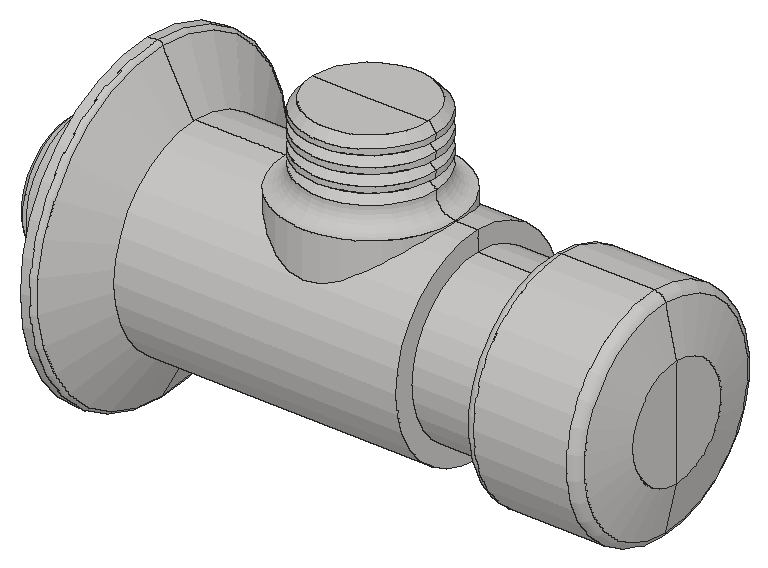
Revit family
Parameters
  WarrantyDurationUnit = "10 years"
  WarrantyDescription = "Any manufacturing defect"
  Version = "v1"
  URL = "http://www.delabie.com"
  Type Comments = "Exposed time flow valve"
  SerialNumber = "3456330009706"
  Radius = 10.3 mm
  ProductInformation = "http://www.delabie.com/products/778000"
  Operation = "Time flow valve"
  NominalHeight = 62 mm
  Name = "TEMPOSTOP"
  ModelNumber = "778000"
  Model = "TEMPOSTOP"
  Material = Solid brass
  ManufacturerURL = "http://www.delabie.com"
  ManufacturerName = "DELABIE"
  Manufacturer = "DELABIE"
  IntegralAccessoryOptions = "Neck tube, floor trap, siphon"
  Grade = "VA APPROVAL"
  FlowRate lps = "0.15 l/s"
  FlowRate lpm = "9 l/min at 3 bar"
  Finish = Chrome-plated
  Features  = "Exposed time flow urinal valve:\r\nFor standard, siphon action, or stall urinals.\r\nTime flow ~3 sec.\r\nFlow rate pre-set at 0.15 l/sec., can be adjusted.\r\nChrome-plated solid brass body M½\".\r\nWall plate.\r\nAngled for recessed inlet."
  Description = "French manufacturer Delabie is a leader in the European sanitary ware market for non-domestic places. Water controls, solutions for disabled people, sanitary ware, for schools, leisure centres, offices, hospitals, airports…"
  Category = "Urinal valve"
  Assembly Code = ""
Reference planes
  plane 1 "Center (Front/Back)": y = 0
  plane 2: z = 0
  plane 3 "Center (Left/Right)": x = 0
Forms (mm)
  Revolve 1, solid, material "Laiton massif chromé"
    sketch origin (41.523, 0, -24.732) x (1, 0, 0) y (0, 0, 1)
      loop
        line (-54.023, 24.732) -> (-54.023, 15.682) -> (-53.257, 14.916) -> (-52.847, 15.796) -> (-52.036, 14.058) -> (-51.033, 15.664) -> (-50.281, 14.051) -> (-49.236, 15.724) -> (-48.387, 13.905) -> (-47.452, 15.664) -> (-46.7, 14.051) -> (-45.655, 15.724) -> (-44.806, 13.905) -> (-43.839, 15.724) -> (-42.991, 13.905) -> (-42.055, 15.665) -> (-41.523, 14.522) -> (-41.523, -0.268) -> (-40.114, -0.268)
        arc (-40.114, -0.268) -> (-39.605, -0.128) -> (-39.238, 0.25) r 1.006
        line (-39.238, 0.25) -> (-34.055, 9.6) -> (-34.055, 8.732) -> (9.977, 8.732) -> (9.977, 11.732) -> (21.577, 11.732) -> (21.577, 8.984)
        arc (21.577, 8.984) -> (22.017, 7.924) -> (23.077, 7.485) r 1.5
        line (23.077, 7.485) -> (37.553, 7.485)
        arc (37.553, 7.485) -> (38.646, 7.81) -> (39.383, 8.679) r 2
        line (39.383, 8.679) -> (41.077, 16.168) -> (41.077, 24.732) -> (-54.023, 24.732)
      axis (41.077, 24.732) -> (-54.023, 24.732)
    angle from 0 to 360
  Revolve 2, solid, material "Laiton massif chromé"
    sketch origin (41.523, 0, -24.732) x (1, 0, 0) y (0, 0, 1)
      loop
        line (-6.777, 53.232) -> (-6.777, 28.818) -> (6.473, 28.818) -> (6.473, 40.732)
        arc (6.473, 40.732) -> (4.257, 41.71) -> (3.486, 44.007) r 3
        line (3.486, 44.007) -> (2.369, 45.124) -> (3.466, 45.783) -> (3.466, 46.667) -> (2.369, 47.764) -> (3.466, 48.423) -> (3.466, 49.307) -> (2.369, 50.404) -> (3.466, 51.063) -> (3.466, 51.9) -> (2.267, 53.232) -> (-6.777, 53.232)
      axis (-6.777, 53.232) -> (-6.777, 28.818)
    angle from 0 to 360
Connectors
  piping at (0, 0, 0), driven by "Radius"
    settings: index 1, connector radius 10.3 mm, flow factor 0, pipe flow 0.0 L/s, pressure drop 0.0 Pa, fitting loss kfactor 0, connector angle 0.00°, fixture units 0, flow configuration 0, flow direction 1, fitting loss method 0, system type 20, connector reference index -1, connector utility 0, adjustable connector no, is connector primary yes, fitting loss table "", connector description "In - Cold water"
